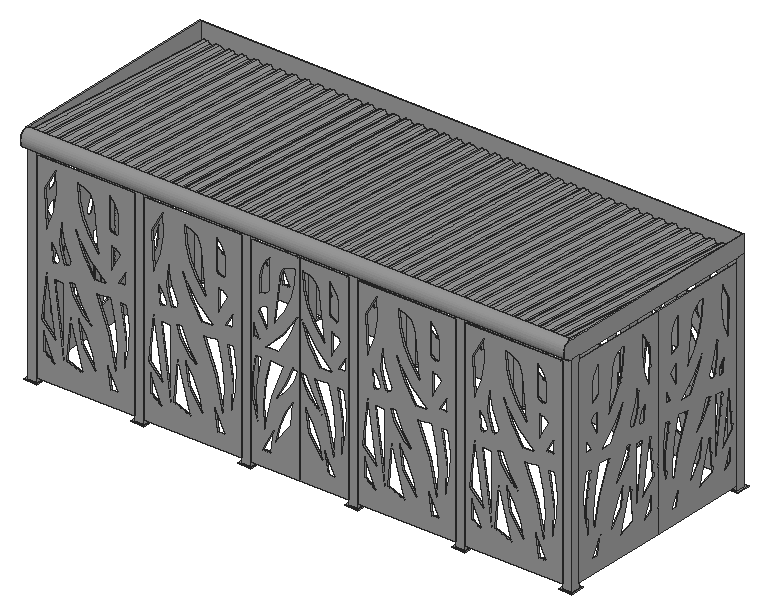
Revit family "15678 Контейнерная площадка «Панель» Хоббика", category Антураж, Revit 2018
Family settings
  На основе рабочей плоскости = Нет
  Всегда вертикально = Да
  При загрузке вырезать с полостями = Нет
  Источник визуального образа = Геометрия семейства
  Общий = Нет
  Точка расчета площади = Нет
Parameters (values of type "Контейнерная площадка «Панель»")
  Ширина = 2380 mm  # constant formula
  Цвет каркаса = Сталь
  Описание = "Контейнерная площадка «Панель»"  # constant formula
  Материал изделия = "Сталь"  # constant formula
  Изображение типоразмера = Контейнерная площадка «Панель» Арт 15678.jpg
  Изготовитель = "ООО «Хоббика»"  # constant formula
  Длина = 6000 mm  # constant formula
  Группа модели = "Контейнерные площадки для ТБО"  # constant formula
  Высота = 2500 mm  # constant formula
  Артикул товара = "Арт. 15678"  # constant formula
  URL = "https://hobbyka.ru/product/konteynernaya_ploshchadka_panel/"
Reference planes
  plane 1 "По центру (Вперед/Назад)": y = 0
  plane 2: z = 0
  plane 3 "По центру (Влево/Вправо)": x = 0
  plane 4: y = 2380
  plane 5: x = 6000
  plane 6: z = 2500
Forms (mm)
  Extrusion 1, solid, material "Сталь" <- "Цвет каркаса"
    sketch origin (0, 0, 0) x (1, 0, 0) y (0, 1, 0)
      loop
        line (0, 2380) -> (0, 2280) -> (100, 2280) -> (100, 2380) -> (0, 2380)
      loop
        line (1180, 2380) -> (1180, 2280) -> (1280, 2280) -> (1280, 2380) -> (1180, 2380)
      loop
        line (2360, 2380) -> (2360, 2280) -> (2460, 2280) -> (2460, 2380) -> (2360, 2380)
      loop
        line (3540, 2380) -> (3540, 2280) -> (3640, 2280) -> (3640, 2380) -> (3540, 2380)
      loop
        line (4720, 2380) -> (4720, 2280) -> (4820, 2280) -> (4820, 2380) -> (4720, 2380)
      loop
        line (5900, 2380) -> (5900, 2280) -> (6000, 2280) -> (6000, 2380) -> (5900, 2380)
      loop
        line (0, 100) -> (0, 0) -> (100, 0) -> (100, 100) -> (0, 100)
      loop
        line (1180, 100) -> (1180, 0) -> (1280, 0) -> (1280, 100) -> (1180, 100)
      loop
        line (2360, 100) -> (2360, 0) -> (2460, 0) -> (2460, 100) -> (2360, 100)
      loop
        line (3540, 100) -> (3540, 0) -> (3640, 0) -> (3640, 100) -> (3540, 100)
      loop
        line (4720, 100) -> (4720, 0) -> (4820, 0) -> (4820, 100) -> (4720, 100)
      loop
        line (5900, 100) -> (5900, 0) -> (6000, 0) -> (6000, 100) -> (5900, 100)
    from 0 to 2300
  Extrusion 2, solid, material "Сталь" <- "Цвет каркаса"
    sketch origin (0, 0, 0) x (0, 1, 0) y (0, 0, 1)
      loop
        line (2380, 2500) -> (0, 2500)
        arc (0, 2500) -> (-100, 2400) -> (0, 2300) r 100
        line (0, 2300) -> (2380, 2300) -> (2380, 2500)
    from 0 to 10
  Extrusion 3, solid, material "Сталь" <- "Цвет каркаса"
    sketch origin (0, 0, 0) x (0, 1, 0) y (0, 0, 1)
      loop
        line (2380, 2500) -> (0, 2500)
        arc (0, 2500) -> (-100, 2400) -> (0, 2300) r 100
        line (0, 2300) -> (2380, 2300) -> (2380, 2500)
    from 5990 to 6000
  Extrusion 4, solid, material "Сталь" <- "Цвет каркаса"
    sketch origin (0, 0, 0) x (0, 1, 0) y (0, 0, 1)
      loop
        arc (0, 2500) -> (-100, 2400) -> (0, 2300) r 100
        line (0, 2300) -> (0, 2310)
        arc (0, 2310) -> (-90, 2400) -> (0, 2490) r 90
        line (0, 2490) -> (0, 2500)
      loop
        line (2380, 2300) -> (2380, 2500) -> (2370, 2500) -> (2370, 2300) -> (2380, 2300)
    from 10 to 5990
  Extrusion 5, solid, material "Сталь" <- "Цвет каркаса"
    sketch origin (0, -145.847, 157.802) x (1, 0, 0) y (0, 0.064528, 0.997916)
      loop
        line (10, 2310) -> (20, 2310) -> (44.749, 2334.749) -> (89.749, 2334.749) -> (114.497, 2310) -> (159.497, 2310) -> (184.246, 2334.749) -> (229.246, 2334.749) -> (253.995, 2310) -> (299.497, 2310) -> (324.246, 2334.749) -> (369.246, 2334.749) -> (393.995, 2310) -> (438.995, 2310) -> (463.744, 2334.749) -> (508.744, 2334.749) -> (533.492, 2310) -> (578.492, 2310) -> (603.241, 2334.749) -> (648.241, 2334.749) -> (672.99, 2310) -> (717.99, 2310) -> (742.739, 2334.749) -> (787.739, 2334.749) -> (812.487, 2310) -> (857.99, 2310) -> (882.739, 2334.749) -> (927.739, 2334.749) -> (952.487, 2310) -> (997.487, 2310) -> (1022.236, 2334.749) -> (1067.236, 2334.749) -> (1091.985, 2310) -> (1136.985, 2310) -> (1161.734, 2334.749) -> (1206.734, 2334.749) -> (1231.482, 2310) -> (1276.482, 2310) -> (1301.231, 2334.749) -> (1346.231, 2334.749) -> (1370.98, 2310) -> (1416.482, 2310) -> (1441.231, 2334.749) -> (1486.231, 2334.749) -> (1510.98, 2310) -> (1555.98, 2310) -> (1580.729, 2334.749) -> (1625.729, 2334.749) -> (1650.477, 2310) -> (1695.477, 2310) -> (1720.226, 2334.749) -> (1765.226, 2334.749) -> (1789.975, 2310) -> (1834.975, 2310) -> (1859.723, 2334.749) -> (1904.723, 2334.749) -> (1929.472, 2310) -> (1974.975, 2310) -> (1999.723, 2334.749) -> (2044.723, 2334.749) -> (2069.472, 2310) -> (2114.472, 2310) -> (2139.221, 2334.749) -> (2184.221, 2334.749) -> (2208.97, 2310) -> (2253.97, 2310) -> (2278.718, 2334.749) -> (2323.718, 2334.749) -> (2348.467, 2310) -> (2393.467, 2310) -> (2418.216, 2334.749) -> (2463.216, 2334.749) -> (2487.965, 2310) -> (2533.467, 2310) -> (2558.216, 2334.749) -> (2603.216, 2334.749) -> (2627.965, 2310) -> (2672.965, 2310) -> (2697.713, 2334.749) -> (2742.713, 2334.749) -> (2767.462, 2310) -> (2812.462, 2310) -> (2837.211, 2334.749) -> (2882.211, 2334.749) -> (2906.96, 2310) -> (2951.96, 2310) -> (2976.708, 2334.749) -> (3021.708, 2334.749) -> (3046.457, 2310) -> (3091.96, 2310) -> (3116.708, 2334.749) -> (3161.708, 2334.749) -> (3186.457, 2310) -> (3231.457, 2310) -> (3256.206, 2334.749) -> (3301.206, 2334.749) -> (3325.955, 2310) -> (3370.955, 2310) -> (3395.703, 2334.749) -> (3440.703, 2334.749) -> (3465.452, 2310) -> (3510.452, 2310) -> (3535.201, 2334.749) -> (3580.201, 2334.749) -> (3604.949, 2310) -> (3650.452, 2310) -> (3675.201, 2334.749) -> (3720.201, 2334.749) -> (3744.949, 2310) -> (3789.949, 2310) -> (3814.698, 2334.749) -> (3859.698, 2334.749) -> (3884.447, 2310) -> (3929.447, 2310) -> (3954.196, 2334.749) -> (3999.196, 2334.749) -> (4023.944, 2310) -> (4068.944, 2310) -> (4093.693, 2334.749) -> (4138.693, 2334.749) -> (4163.442, 2310) -> (4208.944, 2310) -> (4233.693, 2334.749) -> (4278.693, 2334.749) -> (4303.442, 2310) -> (4348.442, 2310) -> (4373.191, 2334.749) -> (4418.191, 2334.749) -> (4442.939, 2310) -> (4487.939, 2310) -> (4512.688, 2334.749) -> (4557.688, 2334.749) -> (4582.437, 2310) -> (4627.437, 2310) -> (4652.186, 2334.749) -> (4697.186, 2334.749) -> (4721.934, 2310) -> (4767.437, 2310) -> (4792.186, 2334.749) -> (4837.186, 2334.749) -> (4861.934, 2310) -> (4906.934, 2310) -> (4931.683, 2334.749) -> (4976.683, 2334.749) -> (5001.432, 2310) -> (5046.432, 2310) -> (5071.181, 2334.749) -> (5116.181, 2334.749) -> (5140.929, 2310) -> (5185.929, 2310) -> (5210.678, 2334.749) -> (5255.678, 2334.749) -> (5280.427, 2310) -> (5325.929, 2310) -> (5350.678, 2334.749) -> (5395.678, 2334.749) -> (5420.427, 2310) -> (5465.427, 2310) -> (5490.176, 2334.749) -> (5535.176, 2334.749) -> (5559.924, 2310) -> (5604.924, 2310) -> (5629.673, 2334.749) -> (5674.673, 2334.749) -> (5699.422, 2310) -> (5744.422, 2310) -> (5769.17, 2334.749) -> (5814.17, 2334.749) -> (5838.919, 2310) -> (5884.422, 2310) -> (5909.17, 2334.749) -> (5954.17, 2334.749) -> (5978.919, 2310) -> (5990, 2310) -> (5990, 2312) -> (5979.748, 2312) -> (5954.999, 2336.749) -> (5908.342, 2336.749) -> (5883.593, 2312) -> (5839.748, 2312) -> (5814.999, 2336.749) -> (5768.342, 2336.749) -> (5743.593, 2312) -> (5700.25, 2312) -> (5675.501, 2336.749) -> (5628.845, 2336.749) -> (5604.096, 2312) -> (5560.753, 2312) -> (5536.004, 2336.749) -> (5489.347, 2336.749) -> (5464.598, 2312) -> (5421.255, 2312) -> (5396.506, 2336.749) -> (5349.85, 2336.749) -> (5325.101, 2312) -> (5281.255, 2312) -> (5256.506, 2336.749) -> (5209.85, 2336.749) -> (5185.101, 2312) -> (5141.758, 2312) -> (5117.009, 2336.749) -> (5070.352, 2336.749) -> (5045.603, 2312) -> (5002.26, 2312) -> (4977.512, 2336.749) -> (4930.855, 2336.749) -> (4906.106, 2312) -> (4862.763, 2312) -> (4838.014, 2336.749) -> (4791.357, 2336.749) -> (4766.608, 2312) -> (4722.763, 2312) -> (4698.014, 2336.749) -> (4651.357, 2336.749) -> (4626.608, 2312) -> (4583.265, 2312) -> (4558.517, 2336.749) -> (4511.86, 2336.749) -> (4487.111, 2312) -> (4443.768, 2312) -> (4419.019, 2336.749) -> (4372.362, 2336.749) -> (4347.613, 2312) -> (4304.27, 2312) -> (4279.522, 2336.749) -> (4232.865, 2336.749) -> (4208.116, 2312) -> (4164.27, 2312) -> (4139.522, 2336.749) -> (4092.865, 2336.749) -> (4068.116, 2312) -> (4024.773, 2312) -> (4000.024, 2336.749) -> (3953.367, 2336.749) -> (3928.619, 2312) -> (3885.275, 2312) -> (3860.527, 2336.749) -> (3813.87, 2336.749) -> (3789.121, 2312) -> (3745.778, 2312) -> (3721.029, 2336.749) -> (3674.372, 2336.749) -> (3649.624, 2312) -> (3605.778, 2312) -> (3581.029, 2336.749) -> (3534.372, 2336.749) -> (3509.624, 2312) -> (3466.28, 2312) -> (3441.532, 2336.749) -> (3394.875, 2336.749) -> (3370.126, 2312) -> (3326.783, 2312) -> (3302.034, 2336.749) -> (3255.377, 2336.749) -> (3230.629, 2312) -> (3187.285, 2312) -> (3162.537, 2336.749) -> (3115.88, 2336.749) -> (3091.131, 2312) -> (3047.285, 2312) -> (3022.537, 2336.749) -> (2975.88, 2336.749) -> (2951.131, 2312) -> (2907.788, 2312) -> (2883.039, 2336.749) -> (2836.382, 2336.749) -> (2811.634, 2312) -> (2768.291, 2312) -> (2743.542, 2336.749) -> (2696.885, 2336.749) -> (2672.136, 2312) -> (2628.793, 2312) -> (2604.044, 2336.749) -> (2557.387, 2336.749) -> (2532.639, 2312) -> (2488.793, 2312) -> (2464.044, 2336.749) -> (2417.387, 2336.749) -> (2392.639, 2312) -> (2349.296, 2312) -> (2324.547, 2336.749) -> (2277.89, 2336.749) -> (2253.141, 2312) -> (2209.798, 2312) -> (2185.049, 2336.749) -> (2138.393, 2336.749) -> (2113.644, 2312) -> (2070.301, 2312) -> (2045.552, 2336.749) -> (1998.895, 2336.749) -> (1974.146, 2312) -> (1930.301, 2312) -> (1905.552, 2336.749) -> (1858.895, 2336.749) -> (1834.146, 2312) -> (1790.803, 2312) -> (1766.054, 2336.749) -> (1719.398, 2336.749) -> (1694.649, 2312) -> (1651.306, 2312) -> (1626.557, 2336.749) -> (1579.9, 2336.749) -> (1555.151, 2312) -> (1511.808, 2312) -> (1487.059, 2336.749) -> (1440.403, 2336.749) -> (1415.654, 2312) -> (1371.808, 2312) -> (1347.059, 2336.749) -> (1300.403, 2336.749) -> (1275.654, 2312) -> (1232.311, 2312) -> (1207.562, 2336.749) -> (1160.905, 2336.749) -> (1136.156, 2312) -> (1092.813, 2312) -> (1068.065, 2336.749) -> (1021.408, 2336.749) -> (996.659, 2312) -> (953.316, 2312) -> (928.567, 2336.749) -> (881.91, 2336.749) -> (857.161, 2312) -> (813.316, 2312) -> (788.567, 2336.749) -> (741.91, 2336.749) -> (717.161, 2312) -> (673.818, 2312) -> (649.07, 2336.749) -> (602.413, 2336.749) -> (577.664, 2312) -> (534.321, 2312) -> (509.572, 2336.749) -> (462.915, 2336.749) -> (438.167, 2312) -> (394.823, 2312) -> (370.075, 2336.749) -> (323.418, 2336.749) -> (298.669, 2312) -> (254.823, 2312) -> (230.075, 2336.749) -> (183.418, 2336.749) -> (158.669, 2312) -> (115.326, 2312) -> (90.577, 2336.749) -> (43.92, 2336.749) -> (19.172, 2312) -> (10, 2312) -> (10, 2310)
    from 7.019 to -2370
  Extrusion 6, solid, material "Сталь" <- "Цвет каркаса"
    sketch origin (0, 0, 0) x (1, 0, 0) y (0, 1, 0)
      loop
        line (125, 125) -> (-25, 125) -> (-25, -25) -> (125, -25) -> (125, 125)
      loop
        line (1305, 125) -> (1155, 125) -> (1155, -25) -> (1305, -25) -> (1305, 125)
      loop
        line (125, 2405) -> (-25, 2405) -> (-25, 2255) -> (125, 2255) -> (125, 2405)
      loop
        line (1305, 2405) -> (1155, 2405) -> (1155, 2255) -> (1305, 2255) -> (1305, 2405)
      loop
        line (2485, 125) -> (2335, 125) -> (2335, -25) -> (2485, -25) -> (2485, 125)
      loop
        line (3665, 125) -> (3515, 125) -> (3515, -25) -> (3665, -25) -> (3665, 125)
      loop
        line (2485, 2405) -> (2335, 2405) -> (2335, 2255) -> (2485, 2255) -> (2485, 2405)
      loop
        line (3665, 2405) -> (3515, 2405) -> (3515, 2255) -> (3665, 2255) -> (3665, 2405)
      loop
        line (4845, 125) -> (4695, 125) -> (4695, -25) -> (4845, -25) -> (4845, 125)
      loop
        line (6025, 125) -> (5875, 125) -> (5875, -25) -> (6025, -25) -> (6025, 125)
      loop
        line (4845, 2405) -> (4695, 2405) -> (4695, 2255) -> (4845, 2255) -> (4845, 2405)
      loop
        line (6025, 2405) -> (5875, 2405) -> (5875, 2255) -> (6025, 2255) -> (6025, 2405)
    from 0 to 5
  Extrusion 7, solid, material "Сталь" <- "Цвет каркаса"
    sketch origin (0, 0, 0) x (1, 0, 0) y (0, 1, 0)
      loop
        line (100, 2380) -> (100, 2370) -> (1180, 2370) -> (1180, 2380) -> (100, 2380)
      loop
        line (1280, 2380) -> (1280, 2370) -> (2360, 2370) -> (2360, 2380) -> (1280, 2380)
      loop
        line (2460, 2380) -> (2460, 2370) -> (3540, 2370) -> (3540, 2380) -> (2460, 2380)
      loop
        line (3640, 2380) -> (3640, 2370) -> (4720, 2370) -> (4720, 2380) -> (3640, 2380)
      loop
        line (4820, 2380) -> (4820, 2370) -> (5900, 2370) -> (5900, 2380) -> (4820, 2380)
      loop
        line (100, 10) -> (100, 0) -> (1180, 0) -> (1180, 10) -> (100, 10)
      loop
        line (1280, 10) -> (1280, 0) -> (2360, 0) -> (2360, 10) -> (1280, 10)
      loop
        line (2460, 10) -> (2460, 0) -> (2997.5, 0) -> (2997.5, 10) -> (2460, 10)
      loop
        line (3540, 0) -> (3540, 10) -> (3002.5, 10) -> (3002.5, 0) -> (3540, 0)
      loop
        line (3640, 10) -> (3640, 0) -> (4720, 0) -> (4720, 10) -> (3640, 10)
      loop
        line (4820, 10) -> (4820, 0) -> (5900, 0) -> (5900, 10) -> (4820, 10)
      loop
        line (0, 2280) -> (0, 1192.5) -> (10, 1192.5) -> (10, 2280) -> (0, 2280)
      loop
        line (0, 100) -> (10, 100) -> (10, 1187.5) -> (0, 1187.5) -> (0, 100)
      loop
        line (5990, 2280) -> (5990, 1192.5) -> (6000, 1192.5) -> (6000, 2280) -> (5990, 2280)
      loop
        line (5990, 100) -> (6000, 100) -> (6000, 1187.5) -> (5990, 1187.5) -> (5990, 100)
    from 50 to 2250
  Extrusion 8, void
    sketch origin (0, 0, 0) x (0, 1, 0) y (0, 0, 1)
      loop
        line (2165.203, 1543.395) -> (2186.137, 1942.847) -> (2066.137, 2150.693)
        arc (2066.137, 2150.693) -> (2068.66, 1839.376) -> (2165.203, 1543.395) r 1017.464
      loop
        arc (1824.249, 2120.328) -> (1694.978, 2066.782) -> (1641.432, 1937.511) r 182.817
        line (1641.432, 1937.511) -> (1587.81, 1500.791)
        arc (1587.81, 1500.791) -> (1767.421, 1787.13) -> (1824.249, 2120.328) r 869.344
      loop
        arc (1474.011, 2122.844) -> (1397.071, 2019.863) -> (1369.786, 1894.243) r 302.812
        line (1369.786, 1894.243) -> (1369.786, 1744.243)
        arc (1369.786, 1744.243) -> (1428.047, 1755.358) -> (1474.011, 1792.844) r 120.897
        line (1474.011, 1792.844) -> (1474.011, 2122.844)
      loop
        line (1352.676, 1561.475) -> (1450.176, 1392.6) -> (1450.176, 1632.6)
        arc (1450.176, 1632.6) -> (1391.464, 1610.695) -> (1352.676, 1561.475) r 116.151
      loop
        line (1295.234, 1291.161) -> (1370.234, 1291.161) -> (1295.234, 1421.065) -> (1295.234, 1291.161)
      loop
        arc (1287.18, 1109.005) -> (1251.376, 787.56) -> (1309.516, 469.395) r 1112.845
        arc (1309.516, 469.395) -> (1299.338, 791.302) -> (1352.18, 1109.005) r 1642.294
        line (1352.18, 1109.005) -> (1287.18, 1109.005)
      loop
        arc (1402.293, 410.631) -> (1483.242, 762.331) -> (1612.801, 1099.17) r 2562.276
        line (1612.801, 1099.17) -> (1464.174, 1117.929)
        arc (1464.174, 1117.929) -> (1392.627, 767.833) -> (1402.293, 410.631) r 1566.239
      loop
        line (1489.279, 1228.024) -> (1639.461, 1228.024)
        arc (1639.461, 1228.024) -> (1759.329, 1428.24) -> (1843.304, 1645.963) r 1363.552
        arc (1843.304, 1645.963) -> (1687.047, 1419.412) -> (1489.279, 1228.024) r 1392.261
      loop
        arc (1995.745, 1663.489) -> (1963.544, 1493.271) -> (1900.65, 1331.854) r 939.909
        arc (1900.65, 1331.854) -> (1910.025, 1274.053) -> (1967.826, 1264.678) r 50.066
        arc (1967.826, 1264.678) -> (2017.95, 1461.552) -> (1995.745, 1663.489) r 569.213
      loop
        line (2103.759, 1275.618) -> (2113.759, 1431.503)
        arc (2113.759, 1431.503) -> (2052.698, 1362.833) -> (2023.759, 1275.618) r 227.652
        arc (2023.759, 1275.618) -> (2063.759, 1235.618) -> (2103.759, 1275.618) r 40
      loop
        line (2064.53, 485.286) -> (2220.093, 640.85) -> (2169.92, 1118.22) -> (2064.53, 485.286)
      loop
        line (1980.5, 320.827) -> (2080.5, 1080.827) -> (1980.5, 1080.827) -> (1980.5, 320.827)
      loop
        arc (1673.49, 765.966) -> (1821.379, 916.653) -> (1913.098, 1106.825) r 649.262
        line (1913.098, 1106.825) -> (1855.086, 1122.369)
        arc (1855.086, 1122.369) -> (1775.363, 938.525) -> (1673.49, 765.966) r 1615.302
      loop
        line (1493.24, 434.166) -> (1371.178, 204.6) -> (1456.178, 204.6) -> (1493.24, 434.166)
      loop
        line (1622.746, 330.775) -> (1782.227, 542.413) -> (1812.085, 785.587)
        arc (1812.085, 785.587) -> (1691.469, 568.983) -> (1622.746, 330.775) r 1093.478
      loop
        line (1755.323, 257.064) -> (1943.261, 325.468) -> (1904.913, 763.794) -> (1755.323, 257.064)
      loop
        line (2195.617, 529.831) -> (2080.936, 245.985) -> (2195.617, 326.286) -> (2195.617, 529.831)
      loop
        line (1072.703, 1543.395) -> (1093.637, 1942.847) -> (973.637, 2150.693)
        arc (973.637, 2150.693) -> (976.16, 1839.376) -> (1072.703, 1543.395) r 1017.464
      loop
        arc (731.749, 2120.328) -> (602.478, 2066.782) -> (548.932, 1937.511) r 182.817
        line (548.932, 1937.511) -> (495.31, 1500.791)
        arc (495.31, 1500.791) -> (674.921, 1787.13) -> (731.749, 2120.328) r 869.344
      loop
        arc (381.511, 2122.844) -> (304.571, 2019.863) -> (277.286, 1894.243) r 302.812
        line (277.286, 1894.243) -> (277.286, 1744.243)
        arc (277.286, 1744.243) -> (335.547, 1755.358) -> (381.511, 1792.844) r 120.897
        line (381.511, 1792.844) -> (381.511, 2122.844)
      loop
        line (260.176, 1561.475) -> (357.676, 1392.6) -> (357.676, 1632.6)
        arc (357.676, 1632.6) -> (298.964, 1610.695) -> (260.176, 1561.475) r 116.151
      loop
        line (202.734, 1291.161) -> (277.734, 1291.161) -> (202.734, 1421.065) -> (202.734, 1291.161)
      loop
        arc (194.68, 1109.005) -> (158.876, 787.56) -> (217.016, 469.395) r 1112.845
        arc (217.016, 469.395) -> (206.838, 791.302) -> (259.68, 1109.005) r 1642.294
        line (259.68, 1109.005) -> (194.68, 1109.005)
      loop
        arc (309.793, 410.631) -> (390.742, 762.331) -> (520.301, 1099.17) r 2562.276
        line (520.301, 1099.17) -> (371.674, 1117.929)
        arc (371.674, 1117.929) -> (300.127, 767.833) -> (309.793, 410.631) r 1566.239
      loop
        line (396.779, 1228.024) -> (546.961, 1228.024)
        arc (546.961, 1228.024) -> (666.829, 1428.24) -> (750.804, 1645.963) r 1363.552
        arc (750.804, 1645.963) -> (594.547, 1419.412) -> (396.779, 1228.024) r 1392.261
      loop
        arc (903.245, 1663.489) -> (871.044, 1493.271) -> (808.15, 1331.854) r 939.909
        arc (808.15, 1331.854) -> (817.525, 1274.053) -> (875.326, 1264.678) r 50.066
        arc (875.326, 1264.678) -> (925.45, 1461.552) -> (903.245, 1663.489) r 569.213
      loop
        line (1011.259, 1275.618) -> (1021.259, 1431.503)
        arc (1021.259, 1431.503) -> (960.198, 1362.833) -> (931.259, 1275.618) r 227.652
        arc (931.259, 1275.618) -> (971.259, 1235.618) -> (1011.259, 1275.618) r 40
      loop
        line (972.03, 485.286) -> (1127.593, 640.85) -> (1077.42, 1118.22) -> (972.03, 485.286)
      loop
        line (888, 320.827) -> (988, 1080.827) -> (888, 1080.827) -> (888, 320.827)
      loop
        arc (580.99, 765.966) -> (728.879, 916.653) -> (820.598, 1106.825) r 649.262
        line (820.598, 1106.825) -> (762.586, 1122.369)
        arc (762.586, 1122.369) -> (682.863, 938.525) -> (580.99, 765.966) r 1615.302
      loop
        line (400.74, 434.166) -> (278.678, 204.6) -> (363.678, 204.6) -> (400.74, 434.166)
      loop
        line (530.246, 330.775) -> (689.727, 542.413) -> (719.585, 785.587)
        arc (719.585, 785.587) -> (598.969, 568.983) -> (530.246, 330.775) r 1093.478
      loop
        line (662.823, 257.064) -> (850.761, 325.468) -> (812.413, 763.794) -> (662.823, 257.064)
      loop
        line (1103.117, 529.831) -> (988.436, 245.985) -> (1103.117, 326.286) -> (1103.117, 529.831)
    from 0 to 6000
  Extrusion 9, void
    sketch origin (4189.485, -1810.515, 0) x (-1, 0, 0) y (0, 0, 1)
      loop
        line (3975.895, 1556.078) -> (3996.83, 1955.53) -> (3876.83, 2163.376)
        arc (3876.83, 2163.376) -> (3879.353, 1852.058) -> (3975.895, 1556.078) r 1017.464
      loop
        arc (3634.942, 2133.011) -> (3505.671, 2079.465) -> (3452.125, 1950.194) r 182.817
        line (3452.125, 1950.194) -> (3398.503, 1513.474)
        arc (3398.503, 1513.474) -> (3578.114, 1799.813) -> (3634.942, 2133.011) r 869.344
      loop
        arc (3284.704, 2135.527) -> (3207.764, 2032.546) -> (3180.478, 1906.926) r 302.812
        line (3180.478, 1906.926) -> (3180.478, 1756.926)
        arc (3180.478, 1756.926) -> (3238.74, 1768.04) -> (3284.704, 1805.527) r 120.897
        line (3284.704, 1805.527) -> (3284.704, 2135.527)
      loop
        line (3163.369, 1574.158) -> (3260.869, 1405.283) -> (3260.869, 1645.283)
        arc (3260.869, 1645.283) -> (3202.156, 1623.378) -> (3163.369, 1574.158) r 116.151
      loop
        line (3105.927, 1303.844) -> (3180.927, 1303.844) -> (3105.927, 1433.748) -> (3105.927, 1303.844)
      loop
        arc (3097.873, 1121.688) -> (3062.068, 800.242) -> (3120.208, 482.078) r 1112.845
        arc (3120.208, 482.078) -> (3110.03, 803.984) -> (3162.873, 1121.688) r 1642.294
        line (3162.873, 1121.688) -> (3097.873, 1121.688)
      loop
        arc (3212.986, 423.313) -> (3293.934, 775.014) -> (3423.494, 1111.853) r 2562.276
        line (3423.494, 1111.853) -> (3274.867, 1130.612)
        arc (3274.867, 1130.612) -> (3203.319, 780.515) -> (3212.986, 423.313) r 1566.239
      loop
        line (3299.971, 1240.706) -> (3450.154, 1240.706)
        arc (3450.154, 1240.706) -> (3570.022, 1440.922) -> (3653.996, 1658.645) r 1363.552
        arc (3653.996, 1658.645) -> (3497.739, 1432.095) -> (3299.971, 1240.706) r 1392.261
      loop
        arc (3806.438, 1676.171) -> (3774.237, 1505.953) -> (3711.343, 1344.536) r 939.909
        arc (3711.343, 1344.536) -> (3720.718, 1286.735) -> (3778.518, 1277.361) r 50.066
        arc (3778.518, 1277.361) -> (3828.643, 1474.234) -> (3806.438, 1676.171) r 569.213
      loop
        line (3914.452, 1288.301) -> (3924.452, 1444.185)
        arc (3924.452, 1444.185) -> (3863.391, 1375.516) -> (3834.452, 1288.301) r 227.652
        arc (3834.452, 1288.301) -> (3874.452, 1248.301) -> (3914.452, 1288.301) r 40
      loop
        line (3875.223, 497.969) -> (4030.786, 653.533) -> (3980.612, 1130.903) -> (3875.223, 497.969)
      loop
        line (3791.193, 333.509) -> (3891.193, 1093.509) -> (3791.193, 1093.509) -> (3791.193, 333.509)
      loop
        arc (3484.183, 778.649) -> (3632.072, 929.336) -> (3723.791, 1119.507) r 649.262
        line (3723.791, 1119.507) -> (3665.779, 1135.052)
        arc (3665.779, 1135.052) -> (3586.056, 951.207) -> (3484.183, 778.649) r 1615.302
      loop
        line (3303.933, 446.849) -> (3181.87, 217.283) -> (3266.87, 217.283) -> (3303.933, 446.849)
      loop
        line (3433.439, 343.457) -> (3592.92, 555.096) -> (3622.778, 798.27)
        arc (3622.778, 798.27) -> (3502.162, 581.665) -> (3433.439, 343.457) r 1093.478
      loop
        line (3566.016, 269.747) -> (3753.954, 338.151) -> (3715.606, 776.477) -> (3566.016, 269.747)
      loop
        line (4006.31, 542.514) -> (3891.629, 258.668) -> (4006.31, 338.969) -> (4006.31, 542.514)
      loop
        line (2795.895, 1556.078) -> (2816.83, 1955.53) -> (2696.83, 2163.376)
        arc (2696.83, 2163.376) -> (2699.353, 1852.058) -> (2795.895, 1556.078) r 1017.464
      loop
        arc (2454.942, 2133.011) -> (2325.671, 2079.465) -> (2272.125, 1950.194) r 182.817
        line (2272.125, 1950.194) -> (2218.503, 1513.474)
        arc (2218.503, 1513.474) -> (2398.114, 1799.813) -> (2454.942, 2133.011) r 869.344
      loop
        arc (2104.704, 2135.527) -> (2027.764, 2032.546) -> (2000.478, 1906.926) r 302.812
        line (2000.478, 1906.926) -> (2000.478, 1756.926)
        arc (2000.478, 1756.926) -> (2058.74, 1768.04) -> (2104.704, 1805.527) r 120.897
        line (2104.704, 1805.527) -> (2104.704, 2135.527)
      loop
        line (1983.369, 1574.158) -> (2080.869, 1405.283) -> (2080.869, 1645.283)
        arc (2080.869, 1645.283) -> (2022.156, 1623.378) -> (1983.369, 1574.158) r 116.151
      loop
        line (1925.927, 1303.844) -> (2000.927, 1303.844) -> (1925.927, 1433.748) -> (1925.927, 1303.844)
      loop
        arc (1917.873, 1121.688) -> (1882.068, 800.242) -> (1940.208, 482.078) r 1112.845
        arc (1940.208, 482.078) -> (1930.03, 803.984) -> (1982.873, 1121.688) r 1642.294
        line (1982.873, 1121.688) -> (1917.873, 1121.688)
      loop
        arc (2032.986, 423.313) -> (2113.934, 775.014) -> (2243.494, 1111.853) r 2562.276
        line (2243.494, 1111.853) -> (2094.867, 1130.612)
        arc (2094.867, 1130.612) -> (2023.319, 780.515) -> (2032.986, 423.313) r 1566.239
      loop
        line (2119.971, 1240.706) -> (2270.154, 1240.706)
        arc (2270.154, 1240.706) -> (2390.022, 1440.922) -> (2473.996, 1658.645) r 1363.552
        arc (2473.996, 1658.645) -> (2317.739, 1432.095) -> (2119.971, 1240.706) r 1392.261
      loop
        arc (2626.438, 1676.171) -> (2594.237, 1505.953) -> (2531.343, 1344.536) r 939.909
        arc (2531.343, 1344.536) -> (2540.718, 1286.735) -> (2598.518, 1277.361) r 50.066
        arc (2598.518, 1277.361) -> (2648.643, 1474.234) -> (2626.438, 1676.171) r 569.213
      loop
        line (2734.452, 1288.301) -> (2744.452, 1444.185)
        arc (2744.452, 1444.185) -> (2683.391, 1375.516) -> (2654.452, 1288.301) r 227.652
        arc (2654.452, 1288.301) -> (2694.452, 1248.301) -> (2734.452, 1288.301) r 40
      loop
        line (2695.223, 497.969) -> (2850.786, 653.533) -> (2800.612, 1130.903) -> (2695.223, 497.969)
      loop
        line (2611.193, 333.509) -> (2711.193, 1093.509) -> (2611.193, 1093.509) -> (2611.193, 333.509)
      loop
        arc (2304.183, 778.649) -> (2452.072, 929.336) -> (2543.791, 1119.507) r 649.262
        line (2543.791, 1119.507) -> (2485.779, 1135.052)
        arc (2485.779, 1135.052) -> (2406.056, 951.207) -> (2304.183, 778.649) r 1615.302
      loop
        line (2123.933, 446.849) -> (2001.87, 217.283) -> (2086.87, 217.283) -> (2123.933, 446.849)
      loop
        line (2253.439, 343.457) -> (2412.92, 555.096) -> (2442.778, 798.27)
        arc (2442.778, 798.27) -> (2322.162, 581.665) -> (2253.439, 343.457) r 1093.478
      loop
        line (2386.016, 269.747) -> (2573.954, 338.151) -> (2535.606, 776.477) -> (2386.016, 269.747)
      loop
        line (2826.31, 542.514) -> (2711.629, 258.668) -> (2826.31, 338.969) -> (2826.31, 542.514)
      loop
        line (435.895, 1556.078) -> (456.83, 1955.53) -> (336.83, 2163.376)
        arc (336.83, 2163.376) -> (339.353, 1852.058) -> (435.895, 1556.078) r 1017.464
      loop
        arc (94.942, 2133.011) -> (-34.329, 2079.465) -> (-87.875, 1950.194) r 182.817
        line (-87.875, 1950.194) -> (-141.497, 1513.474)
        arc (-141.497, 1513.474) -> (38.114, 1799.813) -> (94.942, 2133.011) r 869.344
      loop
        arc (-255.296, 2135.527) -> (-332.236, 2032.546) -> (-359.522, 1906.926) r 302.812
        line (-359.522, 1906.926) -> (-359.522, 1756.926)
        arc (-359.522, 1756.926) -> (-301.26, 1768.04) -> (-255.296, 1805.527) r 120.897
        line (-255.296, 1805.527) -> (-255.296, 2135.527)
      loop
        line (-376.631, 1574.158) -> (-279.131, 1405.283) -> (-279.131, 1645.283)
        arc (-279.131, 1645.283) -> (-337.844, 1623.378) -> (-376.631, 1574.158) r 116.151
      loop
        line (-434.073, 1303.844) -> (-359.073, 1303.844) -> (-434.073, 1433.748) -> (-434.073, 1303.844)
      loop
        arc (-442.127, 1121.688) -> (-477.932, 800.242) -> (-419.792, 482.078) r 1112.845
        arc (-419.792, 482.078) -> (-429.97, 803.984) -> (-377.127, 1121.688) r 1642.294
        line (-377.127, 1121.688) -> (-442.127, 1121.688)
      loop
        arc (-327.014, 423.313) -> (-246.066, 775.014) -> (-116.506, 1111.853) r 2562.276
        line (-116.506, 1111.853) -> (-265.133, 1130.612)
        arc (-265.133, 1130.612) -> (-336.681, 780.515) -> (-327.014, 423.313) r 1566.239
      loop
        line (-240.029, 1240.706) -> (-89.846, 1240.706)
        arc (-89.846, 1240.706) -> (30.022, 1440.922) -> (113.996, 1658.645) r 1363.552
        arc (113.996, 1658.645) -> (-42.261, 1432.095) -> (-240.029, 1240.706) r 1392.261
      loop
        arc (266.438, 1676.171) -> (234.237, 1505.953) -> (171.343, 1344.536) r 939.909
        arc (171.343, 1344.536) -> (180.718, 1286.735) -> (238.518, 1277.361) r 50.066
        arc (238.518, 1277.361) -> (288.643, 1474.234) -> (266.438, 1676.171) r 569.213
      loop
        line (374.452, 1288.301) -> (384.452, 1444.185)
        arc (384.452, 1444.185) -> (323.391, 1375.516) -> (294.452, 1288.301) r 227.652
        arc (294.452, 1288.301) -> (334.452, 1248.301) -> (374.452, 1288.301) r 40
      loop
        line (335.223, 497.969) -> (490.786, 653.533) -> (440.612, 1130.903) -> (335.223, 497.969)
      loop
        line (251.193, 333.509) -> (351.193, 1093.509) -> (251.193, 1093.509) -> (251.193, 333.509)
      loop
        arc (-55.817, 778.649) -> (92.072, 929.336) -> (183.791, 1119.507) r 649.262
        line (183.791, 1119.507) -> (125.779, 1135.052)
        arc (125.779, 1135.052) -> (46.056, 951.207) -> (-55.817, 778.649) r 1615.302
      loop
        line (-236.067, 446.849) -> (-358.13, 217.283) -> (-273.13, 217.283) -> (-236.067, 446.849)
      loop
        line (-106.561, 343.457) -> (52.92, 555.096) -> (82.778, 798.27)
        arc (82.778, 798.27) -> (-37.838, 581.665) -> (-106.561, 343.457) r 1093.478
      loop
        line (26.016, 269.747) -> (213.954, 338.151) -> (175.606, 776.477) -> (26.016, 269.747)
      loop
        line (466.31, 542.514) -> (351.629, 258.668) -> (466.31, 338.969) -> (466.31, 542.514)
      loop
        line (-744.105, 1556.078) -> (-723.17, 1955.53) -> (-843.17, 2163.376)
        arc (-843.17, 2163.376) -> (-840.647, 1852.058) -> (-744.105, 1556.078) r 1017.464
      loop
        arc (-1085.058, 2133.011) -> (-1214.329, 2079.465) -> (-1267.875, 1950.194) r 182.817
        line (-1267.875, 1950.194) -> (-1321.497, 1513.474)
        arc (-1321.497, 1513.474) -> (-1141.886, 1799.813) -> (-1085.058, 2133.011) r 869.344
      loop
        arc (-1435.296, 2135.527) -> (-1512.236, 2032.546) -> (-1539.522, 1906.926) r 302.812
        line (-1539.522, 1906.926) -> (-1539.522, 1756.926)
        arc (-1539.522, 1756.926) -> (-1481.26, 1768.04) -> (-1435.296, 1805.527) r 120.897
        line (-1435.296, 1805.527) -> (-1435.296, 2135.527)
      loop
        line (-1556.631, 1574.158) -> (-1459.131, 1405.283) -> (-1459.131, 1645.283)
        arc (-1459.131, 1645.283) -> (-1517.844, 1623.378) -> (-1556.631, 1574.158) r 116.151
      loop
        line (-1614.073, 1303.844) -> (-1539.073, 1303.844) -> (-1614.073, 1433.748) -> (-1614.073, 1303.844)
      loop
        arc (-1622.127, 1121.688) -> (-1657.932, 800.242) -> (-1599.792, 482.078) r 1112.845
        arc (-1599.792, 482.078) -> (-1609.97, 803.984) -> (-1557.127, 1121.688) r 1642.294
        line (-1557.127, 1121.688) -> (-1622.127, 1121.688)
      loop
        arc (-1507.014, 423.313) -> (-1426.066, 775.014) -> (-1296.506, 1111.853) r 2562.276
        line (-1296.506, 1111.853) -> (-1445.133, 1130.612)
        arc (-1445.133, 1130.612) -> (-1516.681, 780.515) -> (-1507.014, 423.313) r 1566.239
      loop
        line (-1420.029, 1240.706) -> (-1269.846, 1240.706)
        arc (-1269.846, 1240.706) -> (-1149.978, 1440.922) -> (-1066.004, 1658.645) r 1363.552
        arc (-1066.004, 1658.645) -> (-1222.261, 1432.095) -> (-1420.029, 1240.706) r 1392.261
      loop
        arc (-913.562, 1676.171) -> (-945.763, 1505.953) -> (-1008.657, 1344.536) r 939.909
        arc (-1008.657, 1344.536) -> (-999.282, 1286.735) -> (-941.482, 1277.361) r 50.066
        arc (-941.482, 1277.361) -> (-891.357, 1474.234) -> (-913.562, 1676.171) r 569.213
      loop
        line (-805.548, 1288.301) -> (-795.548, 1444.185)
        arc (-795.548, 1444.185) -> (-856.609, 1375.516) -> (-885.548, 1288.301) r 227.652
        arc (-885.548, 1288.301) -> (-845.548, 1248.301) -> (-805.548, 1288.301) r 40
      loop
        line (-844.777, 497.969) -> (-689.214, 653.533) -> (-739.388, 1130.903) -> (-844.777, 497.969)
      loop
        line (-928.807, 333.509) -> (-828.807, 1093.509) -> (-928.807, 1093.509) -> (-928.807, 333.509)
      loop
        arc (-1235.817, 778.649) -> (-1087.928, 929.336) -> (-996.209, 1119.507) r 649.262
        line (-996.209, 1119.507) -> (-1054.221, 1135.052)
        arc (-1054.221, 1135.052) -> (-1133.944, 951.207) -> (-1235.817, 778.649) r 1615.302
      loop
        line (-1416.067, 446.849) -> (-1538.13, 217.283) -> (-1453.13, 217.283) -> (-1416.067, 446.849)
      loop
        line (-1286.561, 343.457) -> (-1127.08, 555.096) -> (-1097.222, 798.27)
        arc (-1097.222, 798.27) -> (-1217.838, 581.665) -> (-1286.561, 343.457) r 1093.478
      loop
        line (-1153.984, 269.747) -> (-966.046, 338.151) -> (-1004.394, 776.477) -> (-1153.984, 269.747)
      loop
        line (-713.69, 542.514) -> (-828.371, 258.668) -> (-713.69, 338.969) -> (-713.69, 542.514)
    from 1567.074 to 4350.515
  Extrusion 10, void
    sketch origin (5369.485, -1810.515, 0) x (-1, 0, 0) y (0, 0, 1)
      loop
        line (2795.895, 1556.078) -> (2816.83, 1955.53) -> (2696.83, 2163.376)
        arc (2696.83, 2163.376) -> (2699.353, 1852.058) -> (2795.895, 1556.078) r 1017.464
      loop
        arc (2454.942, 2133.011) -> (2325.671, 2079.465) -> (2272.125, 1950.194) r 182.817
        line (2272.125, 1950.194) -> (2218.503, 1513.474)
        arc (2218.503, 1513.474) -> (2398.114, 1799.813) -> (2454.942, 2133.011) r 869.344
      loop
        arc (2104.704, 2135.527) -> (2027.764, 2032.546) -> (2000.478, 1906.926) r 302.812
        line (2000.478, 1906.926) -> (2000.478, 1756.926)
        arc (2000.478, 1756.926) -> (2058.74, 1768.04) -> (2104.704, 1805.527) r 120.897
        line (2104.704, 1805.527) -> (2104.704, 2135.527)
      loop
        line (1983.369, 1574.158) -> (2080.869, 1405.283) -> (2080.869, 1645.283)
        arc (2080.869, 1645.283) -> (2022.156, 1623.378) -> (1983.369, 1574.158) r 116.151
      loop
        line (1925.927, 1303.844) -> (2000.927, 1303.844) -> (1925.927, 1433.748) -> (1925.927, 1303.844)
      loop
        arc (1917.873, 1121.688) -> (1882.068, 800.242) -> (1940.208, 482.078) r 1112.845
        arc (1940.208, 482.078) -> (1930.03, 803.984) -> (1982.873, 1121.688) r 1642.294
        line (1982.873, 1121.688) -> (1917.873, 1121.688)
      loop
        arc (2032.986, 423.313) -> (2113.934, 775.014) -> (2243.494, 1111.853) r 2562.276
        line (2243.494, 1111.853) -> (2094.867, 1130.612)
        arc (2094.867, 1130.612) -> (2023.319, 780.515) -> (2032.986, 423.313) r 1566.239
      loop
        line (2119.971, 1240.706) -> (2270.154, 1240.706)
        arc (2270.154, 1240.706) -> (2390.022, 1440.922) -> (2473.996, 1658.645) r 1363.552
        arc (2473.996, 1658.645) -> (2317.739, 1432.095) -> (2119.971, 1240.706) r 1392.261
      loop
        arc (2626.438, 1676.171) -> (2594.237, 1505.953) -> (2531.343, 1344.536) r 939.909
        arc (2531.343, 1344.536) -> (2540.718, 1286.735) -> (2598.518, 1277.361) r 50.066
        arc (2598.518, 1277.361) -> (2648.643, 1474.234) -> (2626.438, 1676.171) r 569.213
      loop
        line (2734.452, 1288.301) -> (2744.452, 1444.185)
        arc (2744.452, 1444.185) -> (2683.391, 1375.516) -> (2654.452, 1288.301) r 227.652
        arc (2654.452, 1288.301) -> (2694.452, 1248.301) -> (2734.452, 1288.301) r 40
      loop
        line (2695.223, 497.969) -> (2850.786, 653.533) -> (2800.612, 1130.903) -> (2695.223, 497.969)
      loop
        line (2611.193, 333.509) -> (2711.193, 1093.509) -> (2611.193, 1093.509) -> (2611.193, 333.509)
      loop
        arc (2304.183, 778.649) -> (2452.072, 929.336) -> (2543.791, 1119.507) r 649.262
        line (2543.791, 1119.507) -> (2485.779, 1135.052)
        arc (2485.779, 1135.052) -> (2406.056, 951.207) -> (2304.183, 778.649) r 1615.302
      loop
        line (2123.933, 446.849) -> (2001.87, 217.283) -> (2086.87, 217.283) -> (2123.933, 446.849)
      loop
        line (2253.439, 343.457) -> (2412.92, 555.096) -> (2442.778, 798.27)
        arc (2442.778, 798.27) -> (2322.162, 581.665) -> (2253.439, 343.457) r 1093.478
      loop
        line (2386.016, 269.747) -> (2573.954, 338.151) -> (2535.606, 776.477) -> (2386.016, 269.747)
      loop
        line (2826.31, 542.514) -> (2711.629, 258.668) -> (2826.31, 338.969) -> (2826.31, 542.514)
    from 4090.515 to 4350.515
  Extrusion 11, void
    sketch origin (11789.485, -1810.515, 0) x (-1, 0, 0) y (0, 0, 1)
      loop
        arc (8749.942, 2133.011) -> (8620.671, 2079.465) -> (8567.125, 1950.194) r 182.817
        line (8567.125, 1950.194) -> (8513.503, 1513.474)
        arc (8513.503, 1513.474) -> (8693.114, 1799.813) -> (8749.942, 2133.011) r 869.344
      loop
        arc (8459.704, 2135.527) -> (8382.764, 2032.546) -> (8355.478, 1906.926) r 302.812
        line (8355.478, 1906.926) -> (8355.478, 1756.926)
        arc (8355.478, 1756.926) -> (8413.74, 1768.04) -> (8459.704, 1805.527) r 120.897
        line (8459.704, 1805.527) -> (8459.704, 2135.527)
      loop
        line (8338.369, 1574.158) -> (8435.869, 1405.283) -> (8435.869, 1645.283)
        arc (8435.869, 1645.283) -> (8377.156, 1623.378) -> (8338.369, 1574.158) r 116.151
      loop
        line (8280.927, 1303.844) -> (8355.927, 1303.844) -> (8280.927, 1433.748) -> (8280.927, 1303.844)
      loop
        arc (8302.873, 1121.688) -> (8267.068, 800.242) -> (8325.208, 482.078) r 1112.845
        arc (8325.208, 482.078) -> (8315.03, 803.984) -> (8367.873, 1121.688) r 1642.294
        line (8367.873, 1121.688) -> (8302.873, 1121.688)
      loop
        arc (8407.986, 423.313) -> (8488.934, 775.014) -> (8618.494, 1111.853) r 2562.276
        line (8618.494, 1111.853) -> (8469.867, 1130.612)
        arc (8469.867, 1130.612) -> (8398.319, 780.515) -> (8407.986, 423.313) r 1566.239
      loop
        line (8414.971, 1240.706) -> (8565.154, 1240.706)
        arc (8565.154, 1240.706) -> (8685.022, 1440.922) -> (8768.996, 1658.645) r 1363.552
        arc (8768.996, 1658.645) -> (8612.739, 1432.095) -> (8414.971, 1240.706) r 1392.261
      loop
        arc (8534.183, 778.649) -> (8682.072, 929.336) -> (8773.791, 1119.507) r 649.262
        line (8773.791, 1119.507) -> (8715.779, 1135.052)
        arc (8715.779, 1135.052) -> (8636.056, 951.207) -> (8534.183, 778.649) r 1615.302
      loop
        line (8508.933, 446.849) -> (8386.87, 217.283) -> (8471.87, 217.283) -> (8508.933, 446.849)
      loop
        line (8528.439, 343.457) -> (8687.92, 555.096) -> (8717.778, 798.27)
        arc (8717.778, 798.27) -> (8597.162, 581.665) -> (8528.439, 343.457) r 1093.478
      loop
        line (2795.895, 1556.078) -> (2816.83, 1955.53) -> (2696.83, 2163.376)
        arc (2696.83, 2163.376) -> (2699.353, 1852.058) -> (2795.895, 1556.078) r 1017.464
      loop
        arc (2454.942, 2133.011) -> (2325.671, 2079.465) -> (2272.125, 1950.194) r 182.817
        line (2272.125, 1950.194) -> (2218.503, 1513.474)
        arc (2218.503, 1513.474) -> (2398.114, 1799.813) -> (2454.942, 2133.011) r 869.344
      loop
        arc (2104.704, 2135.527) -> (2027.764, 2032.546) -> (2000.478, 1906.926) r 302.812
        line (2000.478, 1906.926) -> (2000.478, 1756.926)
        arc (2000.478, 1756.926) -> (2058.74, 1768.04) -> (2104.704, 1805.527) r 120.897
        line (2104.704, 1805.527) -> (2104.704, 2135.527)
      loop
        line (1983.369, 1574.158) -> (2080.869, 1405.283) -> (2080.869, 1645.283)
        arc (2080.869, 1645.283) -> (2022.156, 1623.378) -> (1983.369, 1574.158) r 116.151
      loop
        line (1925.927, 1303.844) -> (2000.927, 1303.844) -> (1925.927, 1433.748) -> (1925.927, 1303.844)
      loop
        arc (1917.873, 1121.688) -> (1882.068, 800.242) -> (1940.208, 482.078) r 1112.845
        arc (1940.208, 482.078) -> (1930.03, 803.984) -> (1982.873, 1121.688) r 1642.294
        line (1982.873, 1121.688) -> (1917.873, 1121.688)
      loop
        arc (2032.986, 423.313) -> (2113.934, 775.014) -> (2243.494, 1111.853) r 2562.276
        line (2243.494, 1111.853) -> (2094.867, 1130.612)
        arc (2094.867, 1130.612) -> (2023.319, 780.515) -> (2032.986, 423.313) r 1566.239
      loop
        line (2119.971, 1240.706) -> (2270.154, 1240.706)
        arc (2270.154, 1240.706) -> (2390.022, 1440.922) -> (2473.996, 1658.645) r 1363.552
        arc (2473.996, 1658.645) -> (2317.739, 1432.095) -> (2119.971, 1240.706) r 1392.261
      loop
        arc (2626.438, 1676.171) -> (2594.237, 1505.953) -> (2531.343, 1344.536) r 939.909
        arc (2531.343, 1344.536) -> (2540.718, 1286.735) -> (2598.518, 1277.361) r 50.066
        arc (2598.518, 1277.361) -> (2648.643, 1474.234) -> (2626.438, 1676.171) r 569.213
      loop
        line (2734.452, 1288.301) -> (2744.452, 1444.185)
        arc (2744.452, 1444.185) -> (2683.391, 1375.516) -> (2654.452, 1288.301) r 227.652
        arc (2654.452, 1288.301) -> (2694.452, 1248.301) -> (2734.452, 1288.301) r 40
      loop
        line (2695.223, 497.969) -> (2850.786, 653.533) -> (2800.612, 1130.903) -> (2695.223, 497.969)
      loop
        line (2611.193, 333.509) -> (2711.193, 1093.509) -> (2611.193, 1093.509) -> (2611.193, 333.509)
      loop
        arc (2304.183, 778.649) -> (2452.072, 929.336) -> (2543.791, 1119.507) r 649.262
        line (2543.791, 1119.507) -> (2485.779, 1135.052)
        arc (2485.779, 1135.052) -> (2406.056, 951.207) -> (2304.183, 778.649) r 1615.302
      loop
        line (2123.933, 446.849) -> (2001.87, 217.283) -> (2086.87, 217.283) -> (2123.933, 446.849)
      loop
        line (2253.439, 343.457) -> (2412.92, 555.096) -> (2442.778, 798.27)
        arc (2442.778, 798.27) -> (2322.162, 581.665) -> (2253.439, 343.457) r 1093.478
      loop
        line (2386.016, 269.747) -> (2573.954, 338.151) -> (2535.606, 776.477) -> (2386.016, 269.747)
      loop
        line (2826.31, 542.514) -> (2711.629, 258.668) -> (2826.31, 338.969) -> (2826.31, 542.514)
      loop
        line (435.895, 1556.078) -> (456.83, 1955.53) -> (336.83, 2163.376)
        arc (336.83, 2163.376) -> (339.353, 1852.058) -> (435.895, 1556.078) r 1017.464
      loop
        arc (94.942, 2133.011) -> (-34.329, 2079.465) -> (-87.875, 1950.194) r 182.817
        line (-87.875, 1950.194) -> (-141.497, 1513.474)
        arc (-141.497, 1513.474) -> (38.114, 1799.813) -> (94.942, 2133.011) r 869.344
      loop
        arc (-255.296, 2135.527) -> (-332.236, 2032.546) -> (-359.522, 1906.926) r 302.812
        line (-359.522, 1906.926) -> (-359.522, 1756.926)
        arc (-359.522, 1756.926) -> (-301.26, 1768.04) -> (-255.296, 1805.527) r 120.897
        line (-255.296, 1805.527) -> (-255.296, 2135.527)
      loop
        line (-376.631, 1574.158) -> (-279.131, 1405.283) -> (-279.131, 1645.283)
        arc (-279.131, 1645.283) -> (-337.844, 1623.378) -> (-376.631, 1574.158) r 116.151
      loop
        line (-434.073, 1303.844) -> (-359.073, 1303.844) -> (-434.073, 1433.748) -> (-434.073, 1303.844)
      loop
        arc (-442.127, 1121.688) -> (-477.932, 800.242) -> (-419.792, 482.078) r 1112.845
        arc (-419.792, 482.078) -> (-429.97, 803.984) -> (-377.127, 1121.688) r 1642.294
        line (-377.127, 1121.688) -> (-442.127, 1121.688)
      loop
        arc (-327.014, 423.313) -> (-246.066, 775.014) -> (-116.506, 1111.853) r 2562.276
        line (-116.506, 1111.853) -> (-265.133, 1130.612)
        arc (-265.133, 1130.612) -> (-336.681, 780.515) -> (-327.014, 423.313) r 1566.239
      loop
        line (-240.029, 1240.706) -> (-89.846, 1240.706)
        arc (-89.846, 1240.706) -> (30.022, 1440.922) -> (113.996, 1658.645) r 1363.552
        arc (113.996, 1658.645) -> (-42.261, 1432.095) -> (-240.029, 1240.706) r 1392.261
      loop
        arc (266.438, 1676.171) -> (234.237, 1505.953) -> (171.343, 1344.536) r 939.909
        arc (171.343, 1344.536) -> (180.718, 1286.735) -> (238.518, 1277.361) r 50.066
        arc (238.518, 1277.361) -> (288.643, 1474.234) -> (266.438, 1676.171) r 569.213
      loop
        line (374.452, 1288.301) -> (384.452, 1444.185)
        arc (384.452, 1444.185) -> (323.391, 1375.516) -> (294.452, 1288.301) r 227.652
        arc (294.452, 1288.301) -> (334.452, 1248.301) -> (374.452, 1288.301) r 40
      loop
        line (335.223, 497.969) -> (490.786, 653.533) -> (440.612, 1130.903) -> (335.223, 497.969)
      loop
        line (251.193, 333.509) -> (351.193, 1093.509) -> (251.193, 1093.509) -> (251.193, 333.509)
      loop
        arc (-55.817, 778.649) -> (92.072, 929.336) -> (183.791, 1119.507) r 649.262
        line (183.791, 1119.507) -> (125.779, 1135.052)
        arc (125.779, 1135.052) -> (46.056, 951.207) -> (-55.817, 778.649) r 1615.302
      loop
        line (-236.067, 446.849) -> (-358.13, 217.283) -> (-273.13, 217.283) -> (-236.067, 446.849)
      loop
        line (-106.561, 343.457) -> (52.92, 555.096) -> (82.778, 798.27)
        arc (82.778, 798.27) -> (-37.838, 581.665) -> (-106.561, 343.457) r 1093.478
      loop
        line (26.016, 269.747) -> (213.954, 338.151) -> (175.606, 776.477) -> (26.016, 269.747)
      loop
        line (466.31, 542.514) -> (351.629, 258.668) -> (466.31, 338.969) -> (466.31, 542.514)
      loop
        line (-744.105, 1556.078) -> (-723.17, 1955.53) -> (-843.17, 2163.376)
        arc (-843.17, 2163.376) -> (-840.647, 1852.058) -> (-744.105, 1556.078) r 1017.464
      loop
        arc (-1085.058, 2133.011) -> (-1214.329, 2079.465) -> (-1267.875, 1950.194) r 182.817
        line (-1267.875, 1950.194) -> (-1321.497, 1513.474)
        arc (-1321.497, 1513.474) -> (-1141.886, 1799.813) -> (-1085.058, 2133.011) r 869.344
      loop
        arc (-1435.296, 2135.527) -> (-1512.236, 2032.546) -> (-1539.522, 1906.926) r 302.812
        line (-1539.522, 1906.926) -> (-1539.522, 1756.926)
        arc (-1539.522, 1756.926) -> (-1481.26, 1768.04) -> (-1435.296, 1805.527) r 120.897
        line (-1435.296, 1805.527) -> (-1435.296, 2135.527)
      loop
        line (-1556.631, 1574.158) -> (-1459.131, 1405.283) -> (-1459.131, 1645.283)
        arc (-1459.131, 1645.283) -> (-1517.844, 1623.378) -> (-1556.631, 1574.158) r 116.151
      loop
        line (-1614.073, 1303.844) -> (-1539.073, 1303.844) -> (-1614.073, 1433.748) -> (-1614.073, 1303.844)
      loop
        arc (-1622.127, 1121.688) -> (-1657.932, 800.242) -> (-1599.792, 482.078) r 1112.845
        arc (-1599.792, 482.078) -> (-1609.97, 803.984) -> (-1557.127, 1121.688) r 1642.294
        line (-1557.127, 1121.688) -> (-1622.127, 1121.688)
      loop
        arc (-1507.014, 423.313) -> (-1426.066, 775.014) -> (-1296.506, 1111.853) r 2562.276
        line (-1296.506, 1111.853) -> (-1445.133, 1130.612)
        arc (-1445.133, 1130.612) -> (-1516.681, 780.515) -> (-1507.014, 423.313) r 1566.239
      loop
        line (-1420.029, 1240.706) -> (-1269.846, 1240.706)
        arc (-1269.846, 1240.706) -> (-1149.978, 1440.922) -> (-1066.004, 1658.645) r 1363.552
        arc (-1066.004, 1658.645) -> (-1222.261, 1432.095) -> (-1420.029, 1240.706) r 1392.261
      loop
        arc (-913.562, 1676.171) -> (-945.763, 1505.953) -> (-1008.657, 1344.536) r 939.909
        arc (-1008.657, 1344.536) -> (-999.282, 1286.735) -> (-941.482, 1277.361) r 50.066
        arc (-941.482, 1277.361) -> (-891.357, 1474.234) -> (-913.562, 1676.171) r 569.213
      loop
        line (-805.548, 1288.301) -> (-795.548, 1444.185)
        arc (-795.548, 1444.185) -> (-856.609, 1375.516) -> (-885.548, 1288.301) r 227.652
        arc (-885.548, 1288.301) -> (-845.548, 1248.301) -> (-805.548, 1288.301) r 40
      loop
        line (-844.777, 497.969) -> (-689.214, 653.533) -> (-739.388, 1130.903) -> (-844.777, 497.969)
      loop
        line (-928.807, 333.509) -> (-828.807, 1093.509) -> (-928.807, 1093.509) -> (-928.807, 333.509)
      loop
        arc (-1235.817, 778.649) -> (-1087.928, 929.336) -> (-996.209, 1119.507) r 649.262
        line (-996.209, 1119.507) -> (-1054.221, 1135.052)
        arc (-1054.221, 1135.052) -> (-1133.944, 951.207) -> (-1235.817, 778.649) r 1615.302
      loop
        line (-1416.067, 446.849) -> (-1538.13, 217.283) -> (-1453.13, 217.283) -> (-1416.067, 446.849)
      loop
        line (-1286.561, 343.457) -> (-1127.08, 555.096) -> (-1097.222, 798.27)
        arc (-1097.222, 798.27) -> (-1217.838, 581.665) -> (-1286.561, 343.457) r 1093.478
      loop
        line (-1153.984, 269.747) -> (-966.046, 338.151) -> (-1004.394, 776.477) -> (-1153.984, 269.747)
      loop
        line (-713.69, 542.514) -> (-828.371, 258.668) -> (-713.69, 338.969) -> (-713.69, 542.514)
      loop
        arc (8829.027, 2133.011) -> (8885.855, 1799.813) -> (9065.466, 1513.474) r 869.344
        line (9065.466, 1513.474) -> (9011.844, 1950.194)
        arc (9011.844, 1950.194) -> (8958.298, 2079.465) -> (8829.027, 2133.011) r 182.817
      loop
        line (9119.265, 2135.527) -> (9119.265, 1805.527)
        arc (9119.265, 1805.527) -> (9165.229, 1768.04) -> (9223.491, 1756.926) r 120.897
        line (9223.491, 1756.926) -> (9223.491, 1906.926)
        arc (9223.491, 1906.926) -> (9196.205, 2032.546) -> (9119.265, 2135.527) r 302.812
      loop
        arc (9240.6, 1574.158) -> (9201.813, 1623.378) -> (9143.1, 1645.283) r 116.151
        line (9143.1, 1645.283) -> (9143.1, 1405.283) -> (9240.6, 1574.158)
      loop
        line (9298.042, 1303.844) -> (9298.042, 1433.748) -> (9223.042, 1303.844) -> (9298.042, 1303.844)
      loop
        line (9276.096, 1121.688) -> (9211.096, 1121.688)
        arc (9211.096, 1121.688) -> (9263.939, 803.984) -> (9253.761, 482.078) r 1642.294
        arc (9253.761, 482.078) -> (9311.901, 800.242) -> (9276.096, 1121.688) r 1112.845
      loop
        arc (9170.983, 423.313) -> (9180.65, 780.515) -> (9109.102, 1130.612) r 1566.239
        line (9109.102, 1130.612) -> (8960.475, 1111.853)
        arc (8960.475, 1111.853) -> (9090.035, 775.014) -> (9170.983, 423.313) r 2562.276
      loop
        arc (9163.998, 1240.706) -> (8966.23, 1432.095) -> (8809.973, 1658.645) r 1392.261
        arc (8809.973, 1658.645) -> (8893.947, 1440.922) -> (9013.815, 1240.706) r 1363.552
        line (9013.815, 1240.706) -> (9163.998, 1240.706)
      loop
        arc (9044.786, 778.649) -> (8942.913, 951.207) -> (8863.19, 1135.052) r 1615.302
        line (8863.19, 1135.052) -> (8805.178, 1119.507)
        arc (8805.178, 1119.507) -> (8896.897, 929.336) -> (9044.786, 778.649) r 649.262
      loop
        line (9070.036, 446.849) -> (9107.099, 217.283) -> (9192.099, 217.283) -> (9070.036, 446.849)
      loop
        arc (9050.53, 343.457) -> (8981.807, 581.665) -> (8861.191, 798.27) r 1093.478
        line (8861.191, 798.27) -> (8891.049, 555.096) -> (9050.53, 343.457)
    from 1900 to 1600
Cuts and joins
  joined: Extrusion 2, Extrusion 3, Extrusion 4
  Extrusion 8, Extrusion 9, Extrusion 10, Extrusion 11 cuts Extrusion 7
Lines and regions (mm)
  symbolic lines, not visible
    curve 1: line (0, 4792.5, 2250) -> (0, 5880, 2250)
    curve 2: line (0, 4792.5, 50) -> (0, 4792.5, 2250)
    curve 3: line (0, 5880, 50) -> (0, 4792.5, 50)
    curve 4: line (0, 5880, 2250) -> (0, 5880, 50)
  symbolic lines, style "Красная", not visible
    curve 5: line (0, 5786.137, 1942.847) -> (0, 5666.137, 2150.693)
    curve 6: line (0, 5786.137, 1942.847) -> (0, 5765.203, 1543.395)
    curve 7: arc (0, 5765.203, 1543.395) -> (0, 5668.66, 1839.376) -> (0, 5666.137, 2150.693) r 1017.464
    curve 8: arc (0, 5424.249, 2120.328) -> (0, 5367.421, 1787.13) -> (0, 5187.81, 1500.791) r 869.344
    curve 9: line (0, 5187.81, 1500.791) -> (0, 5241.432, 1937.511)
    curve 10: arc (0, 5241.432, 1937.511) -> (0, 5294.978, 2066.782) -> (0, 5424.249, 2120.328) r 182.817
    curve 11: line (0, 5074.011, 2122.844) -> (0, 5074.011, 1792.844)
    curve 12: arc (0, 5074.011, 1792.844) -> (0, 5028.047, 1755.358) -> (0, 4969.786, 1744.243) r 120.897
    curve 13: line (0, 4969.786, 1744.243) -> (0, 4969.786, 1894.243)
    curve 14: arc (0, 4969.786, 1894.243) -> (0, 4997.071, 2019.863) -> (0, 5074.011, 2122.844) r 302.812
    curve 15: line (0, 5050.176, 1632.6) -> (0, 5050.176, 1392.6)
    curve 16: line (0, 5050.176, 1392.6) -> (0, 4952.676, 1561.475)
    curve 17: arc (0, 4952.676, 1561.475) -> (0, 4991.464, 1610.695) -> (0, 5050.176, 1632.6) r 116.151
    curve 18: line (0, 4895.234, 1421.065) -> (0, 4970.234, 1291.161)
    curve 19: line (0, 4970.234, 1291.161) -> (0, 4895.234, 1291.161)
    curve 20: line (0, 4895.234, 1291.161) -> (0, 4895.234, 1421.065)
    curve 21: arc (0, 5089.279, 1228.024) -> (0, 5287.047, 1419.412) -> (0, 5443.304, 1645.963) r 1392.261
    curve 22: arc (0, 5443.304, 1645.963) -> (0, 5359.329, 1428.24) -> (0, 5239.461, 1228.024) r 1363.552
    curve 23: line (0, 5239.461, 1228.024) -> (0, 5089.279, 1228.024)
    curve 24: arc (0, 5595.745, 1663.489) -> (0, 5563.544, 1493.271) -> (0, 5500.65, 1331.854) r 939.909
    curve 25: arc (0, 5500.65, 1331.854) -> (0, 5510.025, 1274.053) -> (0, 5567.826, 1264.678) r 50.066
    curve 26: arc (0, 5567.826, 1264.678) -> (0, 5617.95, 1461.552) -> (0, 5595.745, 1663.489) r 569.213
    curve 27: arc (0, 5713.759, 1431.503) -> (0, 5652.698, 1362.833) -> (0, 5623.759, 1275.618) r 227.652
    curve 28: arc (0, 5623.759, 1275.618) -> (0, 5663.759, 1235.618) -> (0, 5703.759, 1275.618) r 40
    curve 29: line (0, 5703.759, 1275.618) -> (0, 5713.759, 1431.503)
    curve 30: line (0, 5769.92, 1118.22) -> (0, 5820.093, 640.85)
    curve 31: line (0, 5820.093, 640.85) -> (0, 5664.53, 485.286)
    curve 32: line (0, 5664.53, 485.286) -> (0, 5769.92, 1118.22)
    curve 33: line (0, 5680.5, 1080.827) -> (0, 5580.5, 1080.827)
    curve 34: line (0, 5580.5, 1080.827) -> (0, 5580.5, 320.827)
    curve 35: line (0, 5580.5, 320.827) -> (0, 5680.5, 1080.827)
    curve 36: line (0, 5504.913, 763.794) -> (0, 5543.261, 325.468)
    curve 37: line (0, 5543.261, 325.468) -> (0, 5355.323, 257.064)
    curve 38: line (0, 5355.323, 257.064) -> (0, 5504.913, 763.794)
    curve 39: line (0, 5795.617, 529.831) -> (0, 5680.936, 245.985)
    curve 40: line (0, 5680.936, 245.985) -> (0, 5795.617, 326.286)
    curve 41: line (0, 5795.617, 326.286) -> (0, 5795.617, 529.831)
    curve 42: line (0, 5513.098, 1106.825) -> (0, 5455.086, 1122.369)
    curve 43: arc (0, 5455.086, 1122.369) -> (0, 5375.363, 938.525) -> (0, 5273.49, 765.966) r 1615.302
    curve 44: arc (0, 5273.49, 765.966) -> (0, 5421.379, 916.653) -> (0, 5513.098, 1106.825) r 649.262
    curve 45: line (0, 5412.085, 785.587) -> (0, 5382.227, 542.413)
    curve 46: line (0, 5382.227, 542.413) -> (0, 5222.746, 330.775)
    curve 47: arc (0, 5222.746, 330.775) -> (0, 5291.469, 568.983) -> (0, 5412.085, 785.587) r 1093.478
    curve 48: arc (0, 5212.801, 1099.17) -> (0, 5083.242, 762.331) -> (0, 5002.293, 410.631) r 2562.276
    curve 49: arc (0, 5002.293, 410.631) -> (0, 4992.627, 767.833) -> (0, 5064.174, 1117.929) r 1566.239
    curve 50: line (0, 5064.174, 1117.929) -> (0, 5212.801, 1099.17)
    curve 51: line (0, 4952.18, 1109.005) -> (0, 4887.18, 1109.005)
    curve 52: arc (0, 4887.18, 1109.005) -> (0, 4851.376, 787.56) -> (0, 4909.516, 469.395) r 1112.845
    curve 53: arc (0, 4909.516, 469.395) -> (0, 4899.338, 791.302) -> (0, 4952.18, 1109.005) r 1642.294
    curve 54: line (0, 5093.24, 434.166) -> (0, 4971.178, 204.6)
    curve 55: line (0, 4971.178, 204.6) -> (0, 5056.178, 204.6)
    curve 56: line (0, 5056.178, 204.6) -> (0, 5093.24, 434.166)
Dimensions and locks
  "Ширина": plane 4 to plane 1 "По центру (Вперед/Назад)"
  "Длина": plane 5 to plane 3 "По центру (Влево/Вправо)"
  "Высота": plane 6 to plane 2
  aligned and locked: level to plane 2
Automatic sketch dimensions
  Extrusion 1 sketch curve to plane 3 "По центру (Влево/Вправо)" = 0 mm  (x2)
